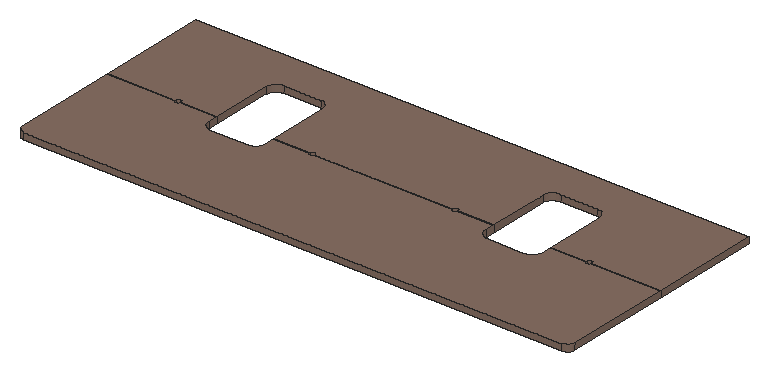
Revit family "console with 2 cutouts for bowl with tap hole", category Furniture, Revit 2019 (continued)
Types (16, lengths in mm): name | WEIGHT | SURFACE | SPECIFICATION | PRODUCTURL | PERMALINK | NB | NAME | Model | MIdent | LODLEVEL | LL | LINA | L | GTINCODE | Console 1560_550 with 2 cutouts for bowl with tap hole-54126910-DIAMOND_GREY-400_RX0RY0RZ0TX0TY0TZ0_V | Console 1560_550 with 2 cutouts for bowl with tap hole-54126910-DIAMOND_GREY-200_RX0RY0RZ0TX0TY0TZ0_V | Console 1560_550 with 2 cutouts for bowl with tap hole-54126630-DARK_WALNUT-400_RX0RY0RZ0TX0TY0TZ0_V | Console 1560_550 with 2 cutouts for bowl with tap hole-54126630-DARK_WALNUT-200_RX0RY0RZ0TX0TY0TZ0_V | Console 1560_550 with 2 cutouts for bowl with tap hole-54126230-NATURAL_OAK-400_RX0RY0RZ0TX0TY0TZ0_V | Console 1560_550 with 2 cutouts for bowl with tap hole-54126230-NATURAL_OAK-200_RX0RY0RZ0TX0TY0TZ0_V | Console 1560_550 with 2 cutouts for bowl with tap hole-54126050-GLOSSY_WHITE-400_RX0RY0RZ0TX0TY0TZ0_V | Console 1560_550 with 2 cutouts for bowl with tap hole-54126050-GLOSSY_WHITE-200_RX0RY0RZ0TX0TY0TZ0_V | Console 1360_550 with 2 cutouts for bowl with tap hole-54125910-DIAMOND_GREY-400_RX0RY0RZ0TX0TY0TZ0_V | Console 1360_550 with 2 cutouts for bowl with tap hole-54125910-DIAMOND_GREY-200_RX0RY0RZ0TX0TY0TZ0_V | Console 1360_550 with 2 cutouts for bowl with tap hole-54125630-DARK_WALNUT-400_RX0RY0RZ0TX0TY0TZ0_V | Console 1360_550 with 2 cutouts for bowl with tap hole-54125630-DARK_WALNUT-200_RX0RY0RZ0TX0TY0TZ0_V | Console 1360_550 with 2 cutouts for bowl with tap hole-54125230-NATURAL_OAK-400_RX0RY0RZ0TX0TY0TZ0_V | Console 1360_550 with 2 cutouts for bowl with tap hole-54125230-NATURAL_OAK-200_RX0RY0RZ0TX0TY0TZ0_V | Console 1360_550 with 2 cutouts for bowl with tap hole-54125050-GLOSSY_WHITE-400_RX0RY0RZ0TX0TY0TZ0_V | Console 1360_550 with 2 cutouts for bowl with tap hole-54125050-GLOSSY_WHITE-200_RX0RY0RZ0TX0TY0TZ0_V | BASENUMBER | ARTNR
  Console 1560_550 with 2 cutouts for bowl with tap hole-54126230-NATURAL_OAK-400 | "13.3" | "NATURAL_OAK" | "Surfaces:    - 54126050 High Gloss White  - 54126910 Diamond Matt Grey  - 54126230 Natural Oak  - 54126630 Dark Walnut      Specification:" | "https://pro.hansgrohe.com/articledetail--54126050" | "54126XXX" | "Console 1560/550 with 2 cutouts for bowl with tap hole-54126230-NATURAL_OAK-400" | "Xelu Q Console 1560/550 with 2 cutouts for bowl with tap hole" | "Console 1560/550 with 2 cutouts for bowl with tap hole-54126230-NATURAL_OAK-400" | "{$CADENAS_DATA/23d-libs/hansgrohe/xelu_furniture/console_with_cutout_for_bowl_with_tap_hole/console_with_2_cutouts_for_bowl_with_taphole.prj},345 {VTYP=3D},{NB=Console 1560/550 with 2 cutouts for bowl with tap hole-54126230-NATURAL_OAK-400},{LINA=Console 1560/550 with 2 cutouts for bowl with tap hole-54126230-NATURAL_OAK-400},{NN=Console with 2 cutouts for bowl with tap hole},{DATE=10.03.2023 08:03:43},{GEOMDATE=08.03.2023 13:05:50},{VERSION=},{LINEID=70},{WBVAR=LODLEVEL},{WBNUMERIC=}  {NB=Console 1560/550 with 2 cutouts for bowl with tap hole-54126230-NATURAL_OAK-400},{LINA=Console 1560/550 with 2 cutouts for bowl with tap hole-54126230-NATURAL_OAK-400},{KT=DUMMY},{IDNR=7},{ARTNR=54126230},{BASENUMBER=Console 1560/550 with 2 cutouts for bowl with tap hole},{MODEL=54126XXX},{SURFACE=NATURAL_OAK},{L=1560},{LODLEVEL=400},{LODLEVELX='400','400','200','200'},{L1=140},{LL=320},{NAME=Xelu Q Console 1560/550 with 2 cutouts for bowl with tap hole},{PERMALINK=54126XXX},{OBJECTTYPE=Object (single object)},{BIMOBJECT=Sanitary: Compound units},{PRODUCTFAMILY=Xelu Q},{PRODUCTGROUP=console},{WEIGHT=13.3},{DESCRIPTION=Xelu Q Console 1560/550 with 2 cutouts for bowl with tap hole},{SPECIFICATION=Surfaces:    - 54126050 High Gloss White  - 54126910 Diamond Matt Grey  - 54126230 Natural Oak  - 54126630 Dark Walnut      Specification:},{PRODUCTURL=https://pro.hansgrohe.com/articledetail--54126050},{GTINCODE=4059625458211},{TENDERURL=},{IFC=Furnishing element},{ETIM=EC011381 | Bathroom furniture set},{UNICLASS2015=Pr_40_20_76_94 | Vanity units},{OMNICLASS=23-19 31 17 11 | Bathroom Units},{MASTERFORMAT=12 35 30.23 | Bathroom Casework},{UNSPSC=56 | Furniture and Furnishings},{UNIFORMATII=E2010 | Fixed Furnishings},{REGIONSET=Worldwide},{DESIGN=Germany},{MANUFACTURER=Germany}" | "400" | 320 | "Console 1560/550 with 2 cutouts for bowl with tap hole-54126230-NATURAL_OAK-400" | 1560 | "4059625458211" | no | no | no | no | yes | no | no | no | no | no | no | no | no | no | no | no | "Console 1560/550 with 2 cutouts for bowl with tap hole" | "54126230"
  Console 1560_550 with 2 cutouts for bowl with tap hole-54126630-DARK_WALNUT-200 | "13.3" | "DARK_WALNUT" | "Surfaces:    - 54126050 High Gloss White  - 54126910 Diamond Matt Grey  - 54126230 Natural Oak  - 54126630 Dark Walnut      Specification:" | "https://pro.hansgrohe.com/articledetail--54126050" | "54126XXX" | "Console 1560/550 with 2 cutouts for bowl with tap hole-54126630-DARK_WALNUT-200" | "Xelu Q Console 1560/550 with 2 cutouts for bowl with tap hole" | "Console 1560/550 with 2 cutouts for bowl with tap hole-54126630-DARK_WALNUT-200" | "{$CADENAS_DATA/23d-libs/hansgrohe/xelu_furniture/console_with_cutout_for_bowl_with_tap_hole/console_with_2_cutouts_for_bowl_with_taphole.prj},345 {VTYP=3D},{NB=Console 1560/550 with 2 cutouts for bowl with tap hole-54126630-DARK_WALNUT-200},{LINA=Console 1560/550 with 2 cutouts for bowl with tap hole-54126630-DARK_WALNUT-200},{NN=Console with 2 cutouts for bowl with tap hole},{DATE=10.03.2023 08:03:43},{GEOMDATE=08.03.2023 13:05:50},{VERSION=},{LINEID=50},{WBVAR=LODLEVEL},{WBNUMERIC=}  {NB=Console 1560/550 with 2 cutouts for bowl with tap hole-54126630-DARK_WALNUT-200},{LINA=Console 1560/550 with 2 cutouts for bowl with tap hole-54126630-DARK_WALNUT-200},{KT=DUMMY},{IDNR=5},{ARTNR=54126630},{BASENUMBER=Console 1560/550 with 2 cutouts for bowl with tap hole},{MODEL=54126XXX},{SURFACE=DARK_WALNUT},{L=1560},{LODLEVEL=200},{LODLEVELX='400','400','200','200'},{L1=140},{LL=320},{NAME=Xelu Q Console 1560/550 with 2 cutouts for bowl with tap hole},{PERMALINK=54126XXX},{OBJECTTYPE=Object (single object)},{BIMOBJECT=Sanitary: Compound units},{PRODUCTFAMILY=Xelu Q},{PRODUCTGROUP=console},{WEIGHT=13.3},{DESCRIPTION=Xelu Q Console 1560/550 with 2 cutouts for bowl with tap hole},{SPECIFICATION=Surfaces:    - 54126050 High Gloss White  - 54126910 Diamond Matt Grey  - 54126230 Natural Oak  - 54126630 Dark Walnut      Specification:},{PRODUCTURL=https://pro.hansgrohe.com/articledetail--54126050},{GTINCODE=4059625458211},{TENDERURL=},{IFC=Furnishing element},{ETIM=EC011381 | Bathroom furniture set},{UNICLASS2015=Pr_40_20_76_94 | Vanity units},{OMNICLASS=23-19 31 17 11 | Bathroom Units},{MASTERFORMAT=12 35 30.23 | Bathroom Casework},{UNSPSC=56 | Furniture and Furnishings},{UNIFORMATII=E2010 | Fixed Furnishings},{REGIONSET=Worldwide},{DESIGN=Germany},{MANUFACTURER=Germany}" | "200" | 320 | "Console 1560/550 with 2 cutouts for bowl with tap hole-54126630-DARK_WALNUT-200" | 1560 | "4059625458211" | no | no | no | yes | no | no | no | no | no | no | no | no | no | no | no | no | "Console 1560/550 with 2 cutouts for bowl with tap hole" | "54126630"
  Console 1560_550 with 2 cutouts for bowl with tap hole-54126630-DARK_WALNUT-400 | "13.3" | "DARK_WALNUT" | "Surfaces:    - 54126050 High Gloss White  - 54126910 Diamond Matt Grey  - 54126230 Natural Oak  - 54126630 Dark Walnut      Specification:" | "https://pro.hansgrohe.com/articledetail--54126050" | "54126XXX" | "Console 1560/550 with 2 cutouts for bowl with tap hole-54126630-DARK_WALNUT-400" | "Xelu Q Console 1560/550 with 2 cutouts for bowl with tap hole" | "Console 1560/550 with 2 cutouts for bowl with tap hole-54126630-DARK_WALNUT-400" | "{$CADENAS_DATA/23d-libs/hansgrohe/xelu_furniture/console_with_cutout_for_bowl_with_tap_hole/console_with_2_cutouts_for_bowl_with_taphole.prj},345 {VTYP=3D},{NB=Console 1560/550 with 2 cutouts for bowl with tap hole-54126630-DARK_WALNUT-400},{LINA=Console 1560/550 with 2 cutouts for bowl with tap hole-54126630-DARK_WALNUT-400},{NN=Console with 2 cutouts for bowl with tap hole},{DATE=10.03.2023 08:03:43},{GEOMDATE=08.03.2023 13:05:50},{VERSION=},{LINEID=50},{WBVAR=LODLEVEL},{WBNUMERIC=}  {NB=Console 1560/550 with 2 cutouts for bowl with tap hole-54126630-DARK_WALNUT-400},{LINA=Console 1560/550 with 2 cutouts for bowl with tap hole-54126630-DARK_WALNUT-400},{KT=DUMMY},{IDNR=5},{ARTNR=54126630},{BASENUMBER=Console 1560/550 with 2 cutouts for bowl with tap hole},{MODEL=54126XXX},{SURFACE=DARK_WALNUT},{L=1560},{LODLEVEL=400},{LODLEVELX='400','400','200','200'},{L1=140},{LL=320},{NAME=Xelu Q Console 1560/550 with 2 cutouts for bowl with tap hole},{PERMALINK=54126XXX},{OBJECTTYPE=Object (single object)},{BIMOBJECT=Sanitary: Compound units},{PRODUCTFAMILY=Xelu Q},{PRODUCTGROUP=console},{WEIGHT=13.3},{DESCRIPTION=Xelu Q Console 1560/550 with 2 cutouts for bowl with tap hole},{SPECIFICATION=Surfaces:    - 54126050 High Gloss White  - 54126910 Diamond Matt Grey  - 54126230 Natural Oak  - 54126630 Dark Walnut      Specification:},{PRODUCTURL=https://pro.hansgrohe.com/articledetail--54126050},{GTINCODE=4059625458211},{TENDERURL=},{IFC=Furnishing element},{ETIM=EC011381 | Bathroom furniture set},{UNICLASS2015=Pr_40_20_76_94 | Vanity units},{OMNICLASS=23-19 31 17 11 | Bathroom Units},{MASTERFORMAT=12 35 30.23 | Bathroom Casework},{UNSPSC=56 | Furniture and Furnishings},{UNIFORMATII=E2010 | Fixed Furnishings},{REGIONSET=Worldwide},{DESIGN=Germany},{MANUFACTURER=Germany}" | "400" | 320 | "Console 1560/550 with 2 cutouts for bowl with tap hole-54126630-DARK_WALNUT-400" | 1560 | "4059625458211" | no | no | yes | no | no | no | no | no | no | no | no | no | no | no | no | no | "Console 1560/550 with 2 cutouts for bowl with tap hole" | "54126630"
  Console 1560_550 with 2 cutouts for bowl with tap hole-54126910-DIAMOND_GREY-200 | "13.3" | "DIAMOND_GREY" | "Surfaces:    - 54126050 High Gloss White  - 54126910 Diamond Matt Grey  - 54126230 Natural Oak  - 54126630 Dark Walnut      Specification:" | "https://pro.hansgrohe.com/articledetail--54126050" | "54126XXX" | "Console 1560/550 with 2 cutouts for bowl with tap hole-54126910-DIAMOND_GREY-200" | "Xelu Q Console 1560/550 with 2 cutouts for bowl with tap hole" | "Console 1560/550 with 2 cutouts for bowl with tap hole-54126910-DIAMOND_GREY-200" | "{$CADENAS_DATA/23d-libs/hansgrohe/xelu_furniture/console_with_cutout_for_bowl_with_tap_hole/console_with_2_cutouts_for_bowl_with_taphole.prj},347 {VTYP=3D},{NB=Console 1560/550 with 2 cutouts for bowl with tap hole-54126910-DIAMOND_GREY-200},{LINA=Console 1560/550 with 2 cutouts for bowl with tap hole-54126910-DIAMOND_GREY-200},{NN=Console with 2 cutouts for bowl with tap hole},{DATE=10.03.2023 08:03:43},{GEOMDATE=08.03.2023 13:05:50},{VERSION=},{LINEID=60},{WBVAR=LODLEVEL},{WBNUMERIC=}  {NB=Console 1560/550 with 2 cutouts for bowl with tap hole-54126910-DIAMOND_GREY-200},{LINA=Console 1560/550 with 2 cutouts for bowl with tap hole-54126910-DIAMOND_GREY-200},{KT=DUMMY},{IDNR=6},{ARTNR=54126910},{BASENUMBER=Console 1560/550 with 2 cutouts for bowl with tap hole},{MODEL=54126XXX},{SURFACE=DIAMOND_GREY},{L=1560},{LODLEVEL=200},{LODLEVELX='400','400','200','200'},{L1=140},{LL=320},{NAME=Xelu Q Console 1560/550 with 2 cutouts for bowl with tap hole},{PERMALINK=54126XXX},{OBJECTTYPE=Object (single object)},{BIMOBJECT=Sanitary: Compound units},{PRODUCTFAMILY=Xelu Q},{PRODUCTGROUP=console},{WEIGHT=13.3},{DESCRIPTION=Xelu Q Console 1560/550 with 2 cutouts for bowl with tap hole},{SPECIFICATION=Surfaces:    - 54126050 High Gloss White  - 54126910 Diamond Matt Grey  - 54126230 Natural Oak  - 54126630 Dark Walnut      Specification:},{PRODUCTURL=https://pro.hansgrohe.com/articledetail--54126050},{GTINCODE=4059625458211},{TENDERURL=},{IFC=Furnishing element},{ETIM=EC011381 | Bathroom furniture set},{UNICLASS2015=Pr_40_20_76_94 | Vanity units},{OMNICLASS=23-19 31 17 11 | Bathroom Units},{MASTERFORMAT=12 35 30.23 | Bathroom Casework},{UNSPSC=56 | Furniture and Furnishings},{UNIFORMATII=E2010 | Fixed Furnishings},{REGIONSET=Worldwide},{DESIGN=Germany},{MANUFACTURER=Germany}" | "200" | 320 | "Console 1560/550 with 2 cutouts for bowl with tap hole-54126910-DIAMOND_GREY-200" | 1560 | "4059625458211" | no | yes | no | no | no | no | no | no | no | no | no | no | no | no | no | no | "Console 1560/550 with 2 cutouts for bowl with tap hole" | "54126910"
  Console 1560_550 with 2 cutouts for bowl with tap hole-54126910-DIAMOND_GREY-400 | "13.3" | "DIAMOND_GREY" | "Surfaces:    - 54126050 High Gloss White  - 54126910 Diamond Matt Grey  - 54126230 Natural Oak  - 54126630 Dark Walnut      Specification:" | "https://pro.hansgrohe.com/articledetail--54126050" | "54126XXX" | "Console 1560/550 with 2 cutouts for bowl with tap hole-54126910-DIAMOND_GREY-400" | "Xelu Q Console 1560/550 with 2 cutouts for bowl with tap hole" | "Console 1560/550 with 2 cutouts for bowl with tap hole-54126910-DIAMOND_GREY-400" | "{$CADENAS_DATA/23d-libs/hansgrohe/xelu_furniture/console_with_cutout_for_bowl_with_tap_hole/console_with_2_cutouts_for_bowl_with_taphole.prj},347 {VTYP=3D},{NB=Console 1560/550 with 2 cutouts for bowl with tap hole-54126910-DIAMOND_GREY-400},{LINA=Console 1560/550 with 2 cutouts for bowl with tap hole-54126910-DIAMOND_GREY-400},{NN=Console with 2 cutouts for bowl with tap hole},{DATE=10.03.2023 08:03:43},{GEOMDATE=08.03.2023 13:05:50},{VERSION=},{LINEID=60},{WBVAR=LODLEVEL},{WBNUMERIC=}  {NB=Console 1560/550 with 2 cutouts for bowl with tap hole-54126910-DIAMOND_GREY-400},{LINA=Console 1560/550 with 2 cutouts for bowl with tap hole-54126910-DIAMOND_GREY-400},{KT=DUMMY},{IDNR=6},{ARTNR=54126910},{BASENUMBER=Console 1560/550 with 2 cutouts for bowl with tap hole},{MODEL=54126XXX},{SURFACE=DIAMOND_GREY},{L=1560},{LODLEVEL=400},{LODLEVELX='400','400','200','200'},{L1=140},{LL=320},{NAME=Xelu Q Console 1560/550 with 2 cutouts for bowl with tap hole},{PERMALINK=54126XXX},{OBJECTTYPE=Object (single object)},{BIMOBJECT=Sanitary: Compound units},{PRODUCTFAMILY=Xelu Q},{PRODUCTGROUP=console},{WEIGHT=13.3},{DESCRIPTION=Xelu Q Console 1560/550 with 2 cutouts for bowl with tap hole},{SPECIFICATION=Surfaces:    - 54126050 High Gloss White  - 54126910 Diamond Matt Grey  - 54126230 Natural Oak  - 54126630 Dark Walnut      Specification:},{PRODUCTURL=https://pro.hansgrohe.com/articledetail--54126050},{GTINCODE=4059625458211},{TENDERURL=},{IFC=Furnishing element},{ETIM=EC011381 | Bathroom furniture set},{UNICLASS2015=Pr_40_20_76_94 | Vanity units},{OMNICLASS=23-19 31 17 11 | Bathroom Units},{MASTERFORMAT=12 35 30.23 | Bathroom Casework},{UNSPSC=56 | Furniture and Furnishings},{UNIFORMATII=E2010 | Fixed Furnishings},{REGIONSET=Worldwide},{DESIGN=Germany},{MANUFACTURER=Germany}" | "400" | 320 | "Console 1560/550 with 2 cutouts for bowl with tap hole-54126910-DIAMOND_GREY-400" | 1560 | "4059625458211" | yes | no | no | no | no | no | no | no | no | no | no | no | no | no | no | no | "Console 1560/550 with 2 cutouts for bowl with tap hole" | "54126910"
